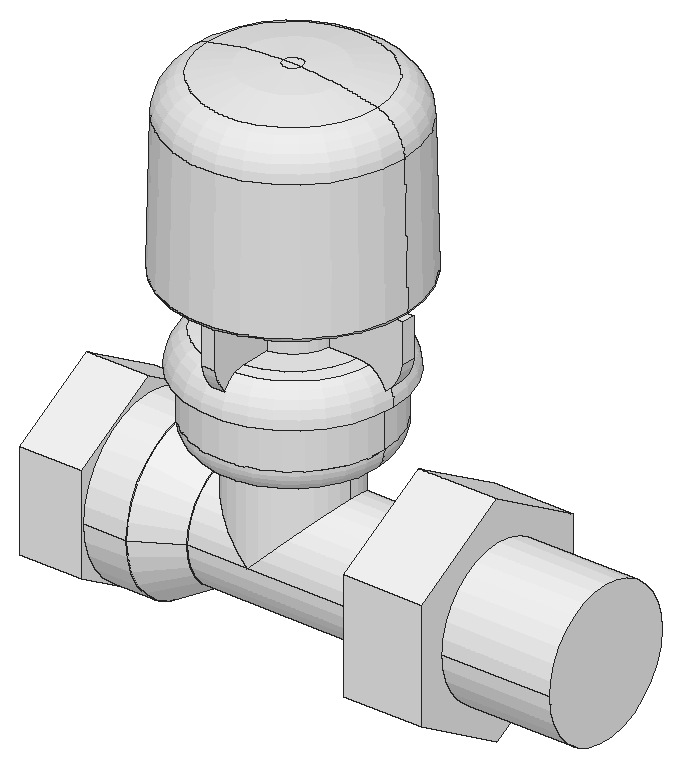
Revit family "RA-IN_Straight_DN25_D_Aero_RFA-1", category Pipe Accessories, Revit 2019
Family settings
  Round Connector Dimension = Use Diameter
  Part Type = Valve - Breaks Into
  OmniClass Number = 23.65.55.14.17
  OmniClass Title = Adjusting/Controlling Valves for Liquid Services
  Work Plane-Based = No
  Always vertical = Yes
  Cut with Voids When Loaded = No
  Shared = No
Parameters (values of type "RA-IN_Straight_DN25_Internal_D_013G6588")
  length = 126.00 mm  # constant formula
  Weight = 0.66 kg
  Wa = if(or(Sensor Type = [015G4540], Sensor Type = [015G4544], Sensor Type = [015G4542]), 30.50 mm, 28.00 mm)  # 28.00 mm
  W = if(or(Sensor Type = [015G4540], Sensor Type = [015G4544], Sensor Type = [015G4542]), 61.00 mm, 56.00 mm)  # 56.00 mm
  Setting Range = "1-4,N"  # constant formula
  Sensor Type = Aero Sensors_RA_RFA : Aero Sensors_Built-in_7-28 °C
  SL = L1 + L2  # 99.62 mm
  R_200_1 = 26.38 mm  # constant formula
  R_200 = 23.50 mm  # constant formula
  RV4 = 19.50 mm
  RV3 = 20.00 mm
  Pressure Drop [instance] = 0.0 bar
  Model Type = "RA-IN_Straight_DN25_Internal_D"
  Model = "013G6588"
  Max Operating Pressure = "10 bar"  # constant formula
  Max Medium Temperature = "120 ˚C"  # constant formula
  Max Differential Pressure = "0.6 bar"  # constant formula
  L4 = 19.00 mm
  Valve Body Material = Danfoss Brass (Nickel plated)
  RV2 = 17.00 mm
  LOD 350 = not(LOD 200)  # yes
  LOD 200 = no
  L7 = 25.00 mm
  L6 = 14.50 mm
  L5 = 10.00 mm
  L [instance] = 126.00 mm
  Kvs = 1.4 m³/h
  IfcExportType = "RA-IN"  # constant formula
  IfcExportAs = "IfcValveType"  # constant formula
  Ha [instance] = 103.66 mm
  HT1 = 20.00 mm  # constant formula
  L3 = 15.00 mm
  URL = "https://store.danfoss.com/fr/en/Climate-Solutions-for-heating/Radiator-Thermostats/Radiator-Valves/Build-on-valves/Presetting-valves/c/13866?q=%3Arelevance%3Adanfoss_producttypehierarchydesc%3ARA-IN%3Adanfoss_a223339155%3AA223_3391558c5e50fab3748e9c53a6863b3dce1401%3Adanfoss_a2824460767%3AA2824_460767f623e75af30e62bbd73d6df5b50bb7b5&text="
  Manufacturer = "Danfoss"  # constant formula
  L2 = 49.62 mm
  L1 = 50.00 mm
  HT = HT1 + 33.00 mm  # 53.00 mm
  H [instance] = 130.045 mm
  Flow [instance] = 0.0 m³/h
  Description = "Thermostatic Radiator Valve"  # constant formula
  SD = R_200_1 * 2  # 52.76 mm
  DB1 = 28.00 mm
  DV1 = 28.00 mm
  L_nut thread2 = 22.85 mm  # constant formula
  L_nut thread1 = 20.35 mm  # constant formula
  D = 25.00 mm
  Connection = "Internal thread"  # constant formula
  015G4544 = Aero Sensors_RA_RFA : Aero Sensors_Tamperproof_Built-in_7-21 °C_015G4544
  015G4542 = Aero Sensors_RA_RFA : Aero Sensors_Tamperproof_Remote_7-26 °C_015G4542
  015G4540 = Aero Sensors_RA_RFA : Aero Sensors_Tamperproof_Built-in_7-28 °C_015G4540
Reference planes
  plane 1 "Center (Front/Back)": y = 0
  plane 2 "XYPLANE": z = 6
  plane 3 "Center (Left/Right)": x = 0
  plane 4 "63": x = 0
  plane 5 "62": x = -50
  plane 6 "61": x = 49.62
  plane 7 "60": y = 0
  plane 8 "59": z = 0
  plane 9 "Y2": x = -35
  plane 10: z = 53
  plane 11: x = 30.62
  plane 12: z = 20
  plane 13: x = 25
  plane 14: x = -14.5
  plane 15: x = -24.5
  plane 16: x = 76
  plane 17: y = 28
  plane 18: y = -28
Forms (mm)
  Extrusion 1, solid, material "Danfoss Brass (Nickel plated)" <- "Valve Body Material", visible <- "LOD 350", detail levels fine
    sketch origin (-15, 0, 0) x (0, 0, 1) y (0, -1, 0)
      loop
        circle (0, 0) r 14
    from 0.5 to 40
  Extrusion 2, solid, material "Danfoss Brass (Nickel plated)" <- "Valve Body Material", visible <- "LOD 350", detail levels fine
    sketch origin (49.62, -750, 0) x (0, 1, 0) y (0, 0, 1)
      loop
        line (750, 26.385) -> (727.15, 13.192) -> (727.15, -13.192) -> (750, -26.385) -> (772.85, -13.192) -> (772.85, 13.192) -> (750, 26.385)
    from 0 to -19
  Extrusion 3, solid, material "Danfoss Brass (Nickel plated)" <- "Valve Body Material", visible <- "LOD 350", detail levels fine
    sketch origin (-50, -750, 0) x (0, 1, 0) y (0, 0, 1)
      loop
        line (750, 23.498) -> (729.65, 11.749) -> (729.65, -11.749) -> (750, -23.498) -> (770.35, -11.749) -> (770.35, 11.749) -> (750, 23.498)
    from 0 to 15 <- "L3"
  Extrusion 4, solid, material "Danfoss Brass (Nickel plated)" <- "Valve Body Material", visible <- "LOD 350", detail levels fine
    sketch origin (49.62, -750, 0) x (0, 1, 0) y (0, 0, 1)
      loop
        circle (750, 0) r 20
    from -84.62 to -74.12
  Extrusion 5, solid, material "Danfoss Brass (Nickel plated)" <- "Valve Body Material", visible <- "LOD 200", detail levels fine
    sketch origin (49.62, -750, 0) x (0, 1, 0) y (0, 0, 1)
      loop
        circle (750, 0) r 14
    from -84.62 to -19
  Extrusion 6, solid, material "Danfoss Brass (Nickel plated)" <- "Valve Body Material", detail levels fine
    sketch origin (0, 0, 0) x (0, 1, 0) y (0, 0, 1)
      loop
        circle (0, 0) r 17
    from 49.62 to 76
  Extrusion 7, solid, material "Danfoss Brass (Nickel plated)" <- "Valve Body Material", detail levels fine
    sketch origin (0, 0, 0) x (1, 0, 0) y (0, 1, 0)
      loop
        circle (0, 0) r 14
    from 0 to 20
  Blend 8, solid, material "Danfoss Brass (Nickel plated)" <- "Valve Body Material", visible <- "LOD 350", detail levels fine
    base sketch origin (0, 0, 0) x (0, 1, 0) y (0, 0, 1)
      loop
        circle (0, 0) r 20
    top sketch origin (0, 0, 0) x (0, 1, 0) y (0, 0, 1)
      loop
        circle (0, 0) r 14
    from -24.5 to -14.5
  Blend 9, solid, material "Danfoss Brass (Nickel plated)" <- "Valve Body Material", visible <- "LOD 350", detail levels fine
    base sketch origin (0, 0, 0) x (0, 1, 0) y (0, 0, -1)
      loop
        circle (0, 0) r 19.5
    top sketch origin (0, 0, 0) x (0, 1, 0) y (0, 0, -1)
      loop
        circle (0, 0) r 14
    from -30.62 to -25
  Extrusion 10, solid, material "Danfoss Brass (Nickel plated)" <- "Valve Body Material", visible <- "LOD 200", detail levels fine
    sketch origin (-50, -750, 0) x (0, 1, 0) y (0, 0, 1)
      loop
        circle (750, 0) r 26.38
    from 80.62 to 99.62
  Extrusion 11, solid, material "Danfoss Brass (Nickel plated)" <- "Valve Body Material", visible <- "LOD 200", detail levels fine
    sketch origin (0, 0, 0) x (0, 1, 0) y (0, 0, 1)
      loop
        circle (0, 0) r 23.5
    from -50 to -35
Lines and regions (mm)
  reference lines, not visible
    curve 1: circle (2, 2, 0) r 1 normal (0, 0, 1)
  reference lines, visible <- "LOD 350"
    curve 2: line (49.62, 0, 0) -> (49.62, 5.846, -3.375)
    curve 3: line (49.62, 0, 0) -> (49.62, 0, -6.75)
    curve 4: line (49.62, 0, 0) -> (49.62, -5.846, -3.375)
    curve 5: line (-50, 0, 0) -> (-50, -4.98, -2.875)
    curve 6: line (-50, 0, 0) -> (-50, 0, -5.75)
    curve 7: line (-50, 0, 0) -> (-50, 4.98, -2.875)
Dimensions and locks
  plane 1 "Center (Front/Back)" to curve 1 = 2.00 mm
  locked: plane 3 "Center (Left/Right)" to plane 4 "63"
  "L1": plane 3 "Center (Left/Right)" to plane 5 "62"
  "L2": plane 3 "Center (Left/Right)" to plane 6 "61"
  locked: plane 1 "Center (Front/Back)" to plane 7 "60"
  plane 8 "59" to plane 2 "XYPLANE" = 6.00 mm
  "L_nut thread2": curve 2 to Extrusion 2 sketch curve  (x2)
  "L_nut thread2": curve 3 to Extrusion 2 sketch curve  (x2)
  "L_nut thread2": curve 4 to Extrusion 2 sketch curve  (x2)
  "L_nut thread1": curve 5 to Extrusion 3 sketch curve  (x2)
  "L_nut thread1": curve 6 to Extrusion 3 sketch curve  (x2)
  "L_nut thread1": curve 7 to Extrusion 3 sketch curve  (x2)
  "HT": plane 10 to level
  "L3": plane 5 "62" to plane 9 "Y2"
  "L4": plane 11 to plane 6 "61"
  "HT1": plane 12 to level
  "L6": plane 3 "Center (Left/Right)" to plane 14
  "L7": plane 13 to plane 3 "Center (Left/Right)"
  "L5": plane 14 to plane 15
  plane 6 "61" to plane 5 "62" = 99.62 mm
  plane 10 to plane 12 = 33.00 mm  (x2)
  "length": plane 5 "62" to plane 16
  "L": plane 16 to plane 5 "62"
  Extrusion 2 to Extrusion 2 = 45.70 mm
  Extrusion 3 to Extrusion 3 = 40.70 mm
  level to Extrusion 3 = 23.498 mm
  level to Extrusion 2 = 26.385 mm
  "Wa": plane 1 "Center (Front/Back)" to plane 17
  "W": plane 18 to plane 17
  "Ha": nested 2 to level
  "H": nested 2 to Extrusion 2
  "DV1": diameter of Extrusion 1 sketch curve
  "RV3": radius of Extrusion 4 sketch curve
  "DV1": diameter of Extrusion 5 sketch curve
  "RV2": radius of Extrusion 6 sketch curve
  "DB1": diameter of Extrusion 7 sketch curve
  "RV3": radius of Blend 8 sketch curve
  "DV1": diameter of Blend 8 sketch curve
  "RV4": radius of Blend 9 sketch curve
  "DV1": diameter of Blend 9 sketch curve
  "R_200_1": radius of Extrusion 10 sketch curve
  "R_200": radius of Extrusion 11 sketch curve
  locked: curve 3 to curve 2 (angle 60.00°)
  locked: curve 4 to curve 3 (angle 60.00°)
  locked: curve 4 to curve 2 (angle 120.00°)
  locked: curve 6 to curve 5 (angle 60.00°)
  locked: curve 7 to curve 6 (angle 60.00°)
  locked: curve 7 to curve 5 (angle 120.00°)
  aligned and locked: Extrusion 1 sketch curve to plane 7 "60"
  aligned and locked: curve 4 to plane 7 "60"
  aligned and locked: plane 8 "59" to curve 4
  aligned and locked: curve 7 to plane 7 "60"
  aligned and locked: plane 8 "59" to curve 7
  aligned and locked: plane 1 "Center (Front/Back)" to Extrusion 4 sketch curve
  aligned and locked: level to Extrusion 4 sketch curve
  aligned and locked: plane 1 "Center (Front/Back)" to Extrusion 5 sketch curve
  aligned and locked: level to Extrusion 5 sketch curve
  aligned and locked: plane 9 "Y2" to Extrusion 3
  aligned and locked: plane 1 "Center (Front/Back)" to Extrusion 6 sketch curve
  aligned and locked: level to Extrusion 6 sketch curve
  aligned and locked: Extrusion 2 to plane 11
  aligned and locked: plane 4 "63" to Extrusion 7 sketch curve
  aligned and locked: plane 7 "60" to Extrusion 7 sketch curve
  aligned and locked: plane 12 to Extrusion 7
  aligned and locked: Extrusion 6 to plane 6 "61"
  aligned and locked: Extrusion 1 to plane 14
  aligned and locked: plane 13 to Extrusion 1
  aligned and locked: Extrusion 4 to plane 9 "Y2"
  aligned and locked: plane 15 to Extrusion 4
  aligned and locked: plane 1 "Center (Front/Back)" to Blend 8 sketch curve  (x2)
  aligned and locked: level to Blend 8 sketch curve  (x2)
  aligned and locked: Blend 8 to plane 15
  aligned and locked: plane 14 to Blend 8
  aligned and locked: plane 13 to Blend 9
  aligned and locked: plane 1 "Center (Front/Back)" to Blend 9 sketch curve  (x2)
  aligned and locked: level to Blend 9 sketch curve  (x2)
  aligned and locked: Extrusion 5 to plane 9 "Y2"
  aligned and locked: plane 11 to Extrusion 5
  aligned and locked: plane 11 to Blend 9
  aligned and locked: plane 1 "Center (Front/Back)" to Extrusion 10 sketch curve
  aligned and locked: level to Extrusion 10 sketch curve
  aligned and locked: Extrusion 10 to plane 6 "61"
  aligned and locked: Extrusion 10 to plane 11
  aligned and locked: plane 1 "Center (Front/Back)" to Extrusion 11 sketch curve
  aligned and locked: level to Extrusion 11 sketch curve
  aligned and locked: Extrusion 11 to plane 5 "62"
  aligned and locked: Extrusion 11 to plane 9 "Y2"
  aligned and locked: plane 16 to Extrusion 6
  aligned and locked: plane 12 to nested 1
  aligned and locked: plane 3 "Center (Left/Right)" to nested 1
  aligned and locked: plane 1 "Center (Front/Back)" to nested 1
  aligned and locked: nested 2 to plane 12
  aligned and locked: plane 3 "Center (Left/Right)" to nested 2
  aligned and locked: plane 1 "Center (Front/Back)" to nested 2
  aligned and locked: level to nested 3
  aligned and locked: nested 3 to plane 6 "61"
  aligned and locked: plane 1 "Center (Front/Back)" to nested 3
Automatic sketch dimensions
  plane 3 "Center (Left/Right)" to curve 1 = 2.00 mm
  Extrusion 1 sketch curve to level = 0.00 mm
  Extrusion 6 sketch curve to level = 0.00 mm
  radius of curve 1 = 1.00 mm
Nested families
  nested 1: "connection neck" at (0, 0, 20), LOD 200 <- "LOD 200", type "connection", detail levels fine
    with LOD 350 yes, LOD 200 no, DN20(350) yes, DN10-15(350) no
  nested 2: "Aero Sensors_RA_RFA" at (0, 0, 20), type <- "Sensor Type", LOD 200 <- "LOD 200", type "Aero Sensors_Built-in_7-28 °C", detail levels fine
    with Y' 700.00 mm, X' 700.00 mm, LOD 350 yes, LOD 200 no, Box Z Offset 100.00 mm, Box Y Offset 100.00 mm, Box X Offset 100.00 mm
  nested 3: "Schematic_TRV_Sensor_Straight" at (-0.19, 0, 0), type "Schematic_TRV_Sensor_Straight", detail levels coarse+medium
Connectors
  piping at (-50, 0, 0), diameter 25, driven by "D", driven by "Flow"
    settings: on Extrusion 3, index 2, connector inside diameter 609.6 mm, connector length 0.00 mm, flow factor 0, pipe flow 0.0 m³/h, pressure drop 0.0 bar, fitting loss kfactor 0, connector angle 0.00°, fixture units 0, engagement length 0.00 mm, angle of deflection 0.00°, flow configuration 0, flow direction 1, fitting loss method 0, system type 29, joint type 0, gender type 0, connector reference index 3, connector utility 0, adjustable connector no, is connector primary yes, connector description ""
  piping at (49.62, 0, 0), diameter 25, driven by "Flow", driven by "D"
    settings: on Extrusion 2, index 3, connector inside diameter 609.6 mm, connector length 0.00 mm, flow factor 0, pipe flow 0.0 m³/h, pressure drop 0.0 bar, fitting loss kfactor 0, connector angle 0.00°, fixture units 0, engagement length 0.00 mm, angle of deflection 0.00°, flow configuration 0, flow direction 2, fitting loss method 0, system type 29, joint type 0, gender type 0, connector reference index 2, connector utility 0, adjustable connector no, is connector primary no, connector description ""
Definition of nested family "connection neck"
  Parameters (values of type "connection")
    Model = ""
    Valve Body Material = none
    LOD 350 [instance] = not(LOD 200)  # yes
    LOD 200 [instance] = no
    IfcExportType = "Connection neck"  # constant formula
    IfcExportAs = "IfcValveType"  # constant formula
    URL = "https://store.danfoss.com/en/Climate-Solutions-for-heating/Radiator-Thermostats/Radiator-Valves/Build-on-valves/Presetting-valves/c/13866?q=%3Arelevance%3Adanfoss_producttypehierarchydesc%3ARA-N&text="
    Manufacturer = "Danfoss"  # constant formula
    HT1 = if(D = 20.00 mm, 12.55 mm, 12.65 mm)  # 12.65 mm
    HT = 33.00 mm  # constant formula
    H [instance] = 33.00 mm
    Description = "Thermostatic Radiator Valve"  # constant formula
    DN20(350) [instance] = and((LOD 350), D > 20.00 mm)  # no
    DN10-15(350) [instance] = and((LOD 350), D < 20.00 mm)  # yes
    D = 15.00 mm
  Reference planes
    plane 1 "Center (Front/Back)": y = 0
    plane 2 "XYPLANE": z = 6
    plane 3 "Center (Left/Right)": x = 0
    plane 4 "67": z = 27.03
    plane 5 "66": z = 7
    plane 6 "63": x = 0
    plane 7 "60": y = 0
    plane 8 "59": z = 0
    plane 9: z = 33
    plane 10: z = 12.65
    plane 11: z = 0
    plane 12 "HT1": z = 12.65
    plane 13: z = 6.1
    plane 14: z = 23.03
  Forms (mm)
    Revolve 1, solid, detail levels fine
      sketch origin (0, 0, 0) x (1, 0, 0) y (0, 0, 1)
        loop
          line (0, 33) -> (0, 27.03) -> (1, 27.03) -> (1, 33) -> (0, 33)
        axis (0, 27.03) -> (0, 33)
      angle from 0 to 360
    Revolve 2, solid, visible <- "DN10-15(350)", detail levels fine
      sketch origin (0, 0, 0) x (1, 0, 0) y (0, 0, 1)
        loop
          line (0, 0) -> (11.5, 0) -> (11.5, 7) -> (8.3, 7) -> (8.3, 12.65) -> (0, 12.65) -> (0, 0)
        axis (0, 12.65) -> (0, 0)
      angle from 0 to 360
    Revolve 3, solid, material <- "Valve Body Material", detail levels fine
      sketch origin (0, 0, 0) x (1, 0, 0) y (0, 0, 1)
        loop
          line (0, 23.03) -> (0, 12.65) -> (9.3, 12.65) -> (9.3, 23.03) -> (0, 23.03)
        axis (0, 12.65) -> (0, 23.03)
      angle from 0 to 360
    Revolve 4, solid, visible <- "LOD 200", detail levels fine
      sketch origin (0, 0, 0) x (1, 0, 0) y (0, 0, 1)
        loop
          line (0, 0) -> (11.5, 0) -> (11.5, 12.65) -> (0, 12.65) -> (0, 0)
        axis (0, 0) -> (0, 12.65)
      angle from 0 to 360
    Extrusion 5, solid, visible <- "LOD 350", detail levels fine
      sketch origin (0, 0, 0) x (1, 0, 0) y (0, 1, 0)
        loop
          line (-2.887, 5) -> (-5.774, 0) -> (-2.887, -5) -> (2.887, -5) -> (5.774, 0) -> (2.887, 5) -> (-2.887, 5)
      from 23.03 to 27.03
    Revolve 6, solid, visible <- "LOD 200", detail levels fine
      sketch origin (0, 0, 0) x (1, 0, 0) y (0, 0, 1)
        loop
          line (0, 27.03) -> (0, 23.03) -> (5.774, 23.03) -> (5.774, 27.03) -> (0, 27.03)
        axis (0, 27.03) -> (0, 23.03)
      angle from 0 to 360
    Revolve 7, solid, visible <- "DN20(350)", detail levels fine
      sketch origin (0, 0, 0) x (1, 0, 0) y (0, 0, 1)
        loop
          line (0, 0) -> (11.5, 0) -> (11.5, 6.1) -> (8.3, 6.1) -> (8.3, 12.65) -> (0, 12.65) -> (0, 0)
        axis (0, 12.65) -> (0, 0)
      angle from 0 to 360
  Lines and regions (mm)
    reference lines, not visible
      curve 1: circle (2, 2, 0) r 1 normal (0, 0, 1)
    reference lines, visible <- "LOD 350"
      curve 2: line (32, 0, 0) -> (32, 5.846, -3.375)
      curve 3: line (32, 0, 0) -> (32, 0, -6.75)
      curve 4: line (32, 0, 0) -> (32, -5.846, -3.375)
      curve 5: line (-29, 0, 0) -> (-29, -4.98, -2.875)
      curve 6: line (-29, 0, 0) -> (-29, 0, -5.75)
      curve 7: line (-29, 0, 0) -> (-29, 4.98, -2.875)
  Dimensions and locks
    plane 1 "Center (Front/Back)" to curve 1 = 2.00 mm
    locked: plane 3 "Center (Left/Right)" to plane 6 "63"
    locked: plane 1 "Center (Front/Back)" to plane 7 "60"
    plane 8 "59" to plane 2 "XYPLANE" = 6.00 mm
    "HT": plane 9 to level
    Revolve 3 sketch curve to Revolve 3 sketch curve = 9.30 mm
    Revolve 2 sketch curve to plane 3 "Center (Left/Right)" = 11.50 mm
    Revolve 2 sketch curve to plane 3 "Center (Left/Right)" = 8.30 mm
    Revolve 4 sketch curve to Revolve 4 sketch curve = 11.50 mm
    Extrusion 5 sketch curve to Extrusion 5 sketch curve = 10.00 mm  (x3)
    equal spacing: Extrusion 5 sketch curve, plane 1 "Center (Front/Back)", Extrusion 5 sketch curve
    equal spacing: Extrusion 5 sketch curve, plane 3 "Center (Left/Right)", Extrusion 5 sketch curve  (x2)
    Revolve 6 sketch curve to Revolve 6 sketch curve = 5.774 mm
    "H": plane 9 to plane 11
    Revolve 1 sketch curve to Revolve 1 sketch curve = 1.00 mm
    locked: level to plane 11
    Revolve 7 sketch curve to plane 3 "Center (Left/Right)" = 8.30 mm
    Revolve 7 sketch curve to plane 3 "Center (Left/Right)" = 11.50 mm
    plane 10 to plane 5 "66" = 5.65 mm
    "HT1": plane 12 "HT1" to level
    locked: plane 13 to level at 6.1
    plane 12 "HT1" to plane 13 = 6.55 mm
    locked: plane 14 to plane 12 "HT1" at 10.38
    locked: plane 4 "67" to plane 14 at 4
    locked: plane 5 "66" to level at 7
    locked: curve 3 to curve 2 (angle 60.00°)
    locked: curve 4 to curve 3 (angle 60.00°)
    locked: curve 4 to curve 2 (angle 120.00°)
    locked: curve 6 to curve 5 (angle 60.00°)
    locked: curve 7 to curve 6 (angle 60.00°)
    locked: curve 7 to curve 5 (angle 120.00°)
    aligned and locked: curve 4 to plane 7 "60"
    aligned and locked: plane 8 "59" to curve 4
    aligned and locked: curve 7 to plane 7 "60"
    aligned and locked: plane 8 "59" to curve 7
    aligned and locked: Revolve 1 sketch curve to plane 6 "63"
    aligned and locked: Revolve 1 sketch curve to plane 9
    aligned and locked: plane 6 "63" to Revolve 1 sketch curve
    aligned and locked: Revolve 2 sketch curve to plane 5 "66"
    aligned and locked: Revolve 2 sketch curve to plane 3 "Center (Left/Right)"
    aligned and locked: Revolve 2 sketch curve to Revolve 2 sketch curve
    aligned and locked: Revolve 3 sketch curve to plane 6 "63"
    aligned and locked: plane 6 "63" to Revolve 3 sketch curve
    aligned and locked: Revolve 4 sketch curve to plane 6 "63"
    aligned and locked: plane 2 "XYPLANE" to Revolve 4 sketch curve
    aligned and locked: plane 6 "63" to Revolve 4 sketch curve
    aligned and locked: Revolve 1 sketch curve to plane 4 "67"
    aligned and locked: plane 4 "67" to Revolve 1 sketch curve
    aligned and locked: Revolve 2 sketch curve to plane 11
    aligned and locked: plane 11 to Revolve 2 sketch curve
    aligned and locked: plane 4 "67" to Extrusion 5
    aligned and locked: plane 10 to Revolve 4
    aligned and locked: Revolve 6 sketch curve to plane 6 "63"  (x2)
    aligned and locked: Revolve 6 sketch curve to plane 4 "67"
    aligned and locked: Revolve 6 sketch curve to Revolve 1
    aligned and locked: Revolve 6 sketch curve to Revolve 6 sketch curve
    aligned and locked: Revolve 7 sketch curve to level
    aligned and locked: Revolve 7 sketch curve to plane 3 "Center (Left/Right)"  (x2)
    aligned and locked: Revolve 4 sketch curve to plane 12 "HT1"
    aligned and locked: Revolve 3 sketch curve to plane 12 "HT1"
    aligned and locked: Revolve 2 sketch curve to plane 12 "HT1"
    aligned and locked: Revolve 7 sketch curve to plane 12 "HT1"
    aligned and locked: Revolve 7 sketch curve to plane 13
    aligned and locked: Revolve 3 sketch curve to plane 14
    aligned and locked: Extrusion 5 to plane 14
  Automatic sketch dimensions
    plane 3 "Center (Left/Right)" to curve 1 = 2.00 mm
    plane 9 to Revolve 1 sketch curve = 0.838 mm
    Revolve 3 sketch curve to plane 3 "Center (Left/Right)" = 0.00 mm
    plane 5 "66" to Revolve 3 sketch curve = 2.50 mm
    Revolve 3 sketch curve to plane 9 = 1.691 mm
    Revolve 4 sketch curve to plane 11 = 0.00 mm
    Revolve 4 sketch curve to plane 9 = 0.30 mm
    plane 1 "Center (Front/Back)" to Extrusion 5 sketch curve = 0.00 mm
    Extrusion 5 sketch curve to Extrusion 5 sketch curve = 2.887 mm
    Revolve 7 sketch curve to Revolve 7 sketch curve = 0.00 mm
    Revolve 7 sketch curve to Revolve 7 sketch curve = 11.48 mm
    Revolve 2 sketch curve to plane 4 "67" = 3.00 mm
    Revolve 6 sketch curve to plane 4 "67" = 4.00 mm
    radius of curve 1 = 1.00 mm
Definition of nested family "Aero Sensors_RA_RFA"
  Parameters (values of type "Aero Sensors_Built-in_7-28 °C")
    YH = XYadd - H'  # 516.00 mm
    Y' [instance] = if(Box Y Offset < -1 * XYlimit, XYadd - XYlimit, (if(Box Y Offset > XYlimit, XYadd + XYlimit, Box Y Offset + XYadd)))  # 700.00 mm
    XYadd = XYlimit + 100.00 mm  # 600.00 mm
    X' [instance] = if(Box X Offset < -1 * XYlimit, XYadd - XYlimit, (if(Box X Offset > XYlimit, XYadd + XYlimit, Box X Offset + XYadd)))  # 700.00 mm
    XYlimit = 500.00 mm
    W [instance] = 56.00 mm
    Min Temperature Setting = "7 °C"
    Max Temperature Setting = "28 °C"
    Max Capillary Tube Length = 0.00 mm
    Sensor Media = "Gas"  # constant formula
    Remote Sensor = if(RS = 1, 1 = 1, 1 = 0)  # no
    Box Z Offset [instance] = 100.00 mm  # constant formula
    URL = "https://store.danfoss.com/en/Climate-Solutions-for-heating/Radiator-Thermostats/Radiator-sensors/Room-sensor-mTRV/Sensors-for-Danfoss-RA-valves/c/13884?q=%3Arelevance%3Adanfoss_producttypehierarchydesc%3ADanfoss+Aero%C2%AE+Sensors%3Adanfoss_a1186338575%3AA1186_3385757565fa0f3e171a343b2fd2a01064cb82&text="
    RS = 0
    Model Type = "Aero Sensors_Built-in_7-28 °C"
    Model = "015G4590,015G4594,015G4580,015G5201,015G4595,015G4598"
    Manufacturer = "Danfoss"  # constant formula
    LOD 350 [instance] = not(LOD 200)  # yes
    LOD 200 [instance] = no
    L [instance] = 56.00 mm
    IfcExportType = "Aero Sensors"  # constant formula
    IfcExportAs = "IfcActuatorType"  # constant formula
    H' = 84.00 mm
    H [instance] = 84.00 mm
    Description = "Radiator Sensor"  # constant formula
    Connection = "RA"  # constant formula
    Box Y Offset [instance] = 100.00 mm
    Box X Offset [instance] = 100.00 mm
    Body Material = none
    Aero Sensor = Aero_RFA : Aero Sensors
  Types (11, lengths in mm): name | YH | Y' | XYadd | X' | XYlimit | W | Min Temperature Setting | Max Temperature Setting | Max Capillary Tube Length | Remote Sensor | URL | RS | Model Type | Model | L | Aero Sensor
    (no name) | 516.00 | 700.00 | 600.00 | 700.00 | 500.00 | 56.00 | "7 °C" | "28 °C" | 0.00 | no | "https://store.danfoss.com/en/Climate-Solutions-for-heating/Radiator-Thermostats/Radiator-sensors/Room-sensor-mTRV/Sensors-for-Danfoss-RA-valves/c/13884?q=%3Arelevance%3Adanfoss_producttypehierarchydesc%3ADanfoss+Aero%C2%AE+Sensors%3Adanfoss_a1186338575%3AA1186_3385757565fa0f3e171a343b2fd2a01064cb82&text=" | 0 | "Aero Sensors_Built-in_7-28 °C" | "015G4590,015G4594,015G4580,015G5201,015G4595,015G4598" | 56.00 | Aero_RFA : Aero Sensors
    Aero Sensors_Built-in_7-28 °C | 516.00 | 700.00 | 600.00 | 700.00 | 500.00 | 56.00 | "7 °C" | "28 °C" | 0.00 | no | "https://store.danfoss.com/en/Climate-Solutions-for-heating/Radiator-Thermostats/Radiator-sensors/Room-sensor-mTRV/Sensors-for-Danfoss-RA-valves/c/13884?q=%3Arelevance%3Adanfoss_producttypehierarchydesc%3ADanfoss+Aero%C2%AE+Sensors%3Adanfoss_a1186338575%3AA1186_3385757565fa0f3e171a343b2fd2a01064cb82&text=" | 0 | "Aero Sensors_Built-in_7-28 °C" | "015G4590,015G4594,015G4580,015G5201,015G4595,015G4598" | 56.00 | Aero_RFA : Aero Sensors
    Aero Sensors_Tamperproof_Built-in_7-28 °C_015G4540 | 516.00 | 700.00 | 600.00 | 700.00 | 500.00 | 61.00 | "7 °C" | "28 °C" | 0.00 | no | "https://store.danfoss.com/en/Climate-Solutions-for-heating/Radiator-Thermostats/Radiator-sensors/Room-sensor-mTRV/Sensors-for-Danfoss-RA-valves/c/13884?q=%3Arelevance%3Adanfoss_producttypehierarchydesc%3ADanfoss+Aero%C2%AE+Sensors%3Adanfoss_a1186338575%3AA1186_3385757565fa0f3e171a343b2fd2a01064cb82&text=" | 0 | "Aero Sensors_Tamperproof_Built-in_7-28 °C" | "015G4540" | 61.00 | Aero_RFA : Aero Sensors_Tamper
    Aero Sensors_Remote_7-26 °C_015G4592 | 1016.00 | 1200.00 | 1100.00 | 1200.00 | 1000.00 | 56.00 | "7 °C" | "26 °C" | 2000.00 | yes | "https://store.danfoss.com/en/Climate-Solutions-for-heating/Radiator-Thermostats/Radiator-sensors/Room-sensor-mTRV/Sensors-for-Danfoss-RA-valves/c/13884?q=%3Arelevance%3Adanfoss_producttypehierarchydesc%3ADanfoss+Aero%C2%AE+Sensors%3Adanfoss_a1186338575%3AA1186_3385756922a4d78decdb47e1e9a53dbb12a95d&text=" | 1 | "Aero Sensors_Remote_7-26 °C" | "015G4592" | 56.00 | Aero_RFA : Aero Sensors
    Aero Sensors_Tamperproof_Remote_7-26 °C_015G4542 | 1016.00 | 1200.00 | 1100.00 | 1200.00 | 1000.00 | 61.00 | "7 °C" | "26 °C" | 2000.00 | yes | "https://store.danfoss.com/en/Climate-Solutions-for-heating/Radiator-Thermostats/Radiator-sensors/Room-sensor-mTRV/Sensors-for-Danfoss-RA-valves/c/13884?q=%3Arelevance%3Adanfoss_producttypehierarchydesc%3ADanfoss+Aero%C2%AE+Sensors%3Adanfoss_a1186338575%3AA1186_3385756922a4d78decdb47e1e9a53dbb12a95d&text=" | 1 | "Aero Sensors_Tamperproof_Remote_7-26 °C" | "015G4542" | 61.00 | Aero_RFA : Aero Sensors_Tamper
    Aero Sensors_Built-in_16-28 °C | 516.00 | 700.00 | 600.00 | 700.00 | 500.00 | 56.00 | "16 °C" | "28 °C" | 0.00 | no | "https://store.danfoss.com/en/Climate-Solutions-for-heating/Radiator-Thermostats/Radiator-sensors/Room-sensor-mTRV/Sensors-for-Danfoss-RA-valves/c/13884?q=%3Arelevance%3Adanfoss_producttypehierarchydesc%3ADanfoss+Aero%C2%AE+Sensors%3Adanfoss_a1186338575%3AA1186_3385757565fa0f3e171a343b2fd2a01064cb82&text=" | 0 | "Aero Sensors_Built-in_16-28 °C" | "015G4596,015G5200" | 56.00 | Aero_RFA : Aero Sensors
    Aero Sensors_Built-in_7-21 °C | 516.00 | 700.00 | 600.00 | 700.00 | 500.00 | 56.00 | "7 °C" | "21 °C" | 0.00 | no | "https://store.danfoss.com/en/Climate-Solutions-for-heating/Radiator-Thermostats/Radiator-sensors/Room-sensor-mTRV/Sensors-for-Danfoss-RA-valves/c/13884?q=%3Arelevance%3Adanfoss_producttypehierarchydesc%3ADanfoss+Aero%C2%AE+Sensors%3Adanfoss_a1186338575%3AA1186_3385757565fa0f3e171a343b2fd2a01064cb82&text=" | 0 | "Aero Sensors_Built-in_7-21 °C" | "015G4690,015G4680" | 56.00 | Aero_RFA : Aero Sensors
    Aero Sensors_Built-in_7-22 °C_015G4622 | 516.00 | 700.00 | 600.00 | 700.00 | 500.00 | 56.00 | "7 °C" | "22 °C" | 0.00 | no | "https://store.danfoss.com/en/Climate-Solutions-for-heating/Radiator-Thermostats/Radiator-sensors/Room-sensor-mTRV/Sensors-for-Danfoss-RA-valves/c/13884?q=%3Arelevance%3Adanfoss_producttypehierarchydesc%3ADanfoss+Aero%C2%AE+Sensors%3Adanfoss_a1186338575%3AA1186_3385757565fa0f3e171a343b2fd2a01064cb82&text=" | 0 | "Aero Sensors_Built-in_7-22 °C" | "015G4622" | 56.00 | Aero_RFA : Aero Sensors
    Aero Sensors_Built-in_7-23 °C | 516.00 | 700.00 | 600.00 | 700.00 | 500.00 | 56.00 | "7 °C" | "23 °C" | 0.00 | no | "https://store.danfoss.com/en/Climate-Solutions-for-heating/Radiator-Thermostats/Radiator-sensors/Room-sensor-mTRV/Sensors-for-Danfoss-RA-valves/c/13884?q=%3Arelevance%3Adanfoss_producttypehierarchydesc%3ADanfoss+Aero%C2%AE+Sensors%3Adanfoss_a1186338575%3AA1186_3385757565fa0f3e171a343b2fd2a01064cb82&text=" | 0 | "Aero Sensors_Built-in_7-23 °C" | "015G4623,015G5205" | 56.00 | Aero_RFA : Aero Sensors
    Aero Sensors_Remote_7-21 °C | 1016.00 | 1200.00 | 1100.00 | 1200.00 | 1000.00 | 56.00 | "7 °C" | "21 °C" | 2000.00 | yes | "https://store.danfoss.com/en/Climate-Solutions-for-heating/Radiator-Thermostats/Radiator-sensors/Room-sensor-mTRV/Sensors-for-Danfoss-RA-valves/c/13884?q=%3Arelevance%3Adanfoss_producttypehierarchydesc%3ADanfoss+Aero%C2%AE+Sensors%3Adanfoss_a1186338575%3AA1186_3385756922a4d78decdb47e1e9a53dbb12a95d&text=" | 1 | "Aero Sensors_Remote_7-21 °C" | "015G4692,015G4682" | 56.00 | Aero_RFA : Aero Sensors
    Aero Sensors_Tamperproof_Built-in_7-21 °C_015G4544 | 516.00 | 700.00 | 600.00 | 700.00 | 500.00 | 56.00 | "7 °C" | "21 °C" | 0.00 | no | "https://store.danfoss.com/en/Climate-Solutions-for-heating/Radiator-Thermostats/Radiator-sensors/Room-sensor-mTRV/Sensors-for-Danfoss-RA-valves/c/13884?q=%3Arelevance%3Adanfoss_producttypehierarchydesc%3ADanfoss+Aero%C2%AE+Sensors%3Adanfoss_a1186338575%3AA1186_3385757565fa0f3e171a343b2fd2a01064cb82&text=" | 0 | "Aero Sensors_Tamperproof_Built-in_7-21 °C" | "015G4544" | 56.00 | Aero_RFA : Aero Sensors_Tamper
  Reference planes
    plane 1 "Center (Front/Back)": y = 0
    plane 2: z = 0
    plane 3 "Center (Left/Right)": x = 0
    plane 4: x = -600
    plane 5: z = -516
    plane 6: z = 184
  Lines and regions (mm)
    reference lines
      curve 1: line (100, 100, 0) -> (100, 0, 0)
      curve 2: line (17.515, 100, 0) -> (-57.515, 100, 0)
  Dimensions and locks
    "XYadd": plane 4 to plane 3 "Center (Left/Right)"
    "YH": level to plane 5
    locked: plane 1 "Center (Front/Back)" to curve 2 at 100
    "Y'": plane 6 to plane 5
    "X'": plane 4 to curve 1
    "Box Z Offset": nested 1 to plane 1 "Center (Front/Back)"
    nested 1 to plane 3 "Center (Left/Right)" = 100.00 mm
    "H": nested 2 to level
    nested 1 to nested 2 = 100.00 mm
    "L": nested 2 to nested 2
    "W": nested 2 to nested 2
    aligned and locked: level to plane 2
    aligned and locked: curve 1 to nested 1
    aligned and locked: plane 6 to nested 1
    aligned and locked: plane 3 "Center (Left/Right)" to nested 2
    aligned and locked: nested 2 to level
    aligned and locked: plane 1 "Center (Front/Back)" to nested 2
  Automatic sketch dimensions
    plane 1 "Center (Front/Back)" to curve 1 = 0.00 mm
    plane 3 "Center (Left/Right)" to curve 2 = 17.515 mm
    curve 2 to plane 3 "Center (Left/Right)" = 57.515 mm
  Nested families
    nested 1: "Remote sensor_box_RFA" at (100, 100, 184) x (-1, 0, 0) z (0, -1, 0), LOD 200 <- "LOD 200", Body Material <- "Body Material", visible <- "Remote Sensor", type "Remote sensor_box"
      with LOD 350 yes, LOD 200 no, Body Material none
    nested 2: "Aero_RFA" at (0, 0, 0), type <- "Aero Sensor", type "Aero Sensors", detail levels fine
  Definition of nested family "Remote sensor_box_RFA"
    Parameters (values of type "Remote sensor_box")
      W [instance] = 56.00 mm
      URL = ""
      Sensor Media = "Gas Sensor"  # constant formula
      Model = ""
      Manufacturer = "Danfoss"  # constant formula
      LOD 350 [instance] = not(LOD 200)  # no
      LOD 200 [instance] = yes
      L [instance] = 26.00 mm
      IfcExportType = "Remote Gas Sensor"  # constant formula
      IfcExportAs = "IfcActuatorType"  # constant formula
      H [instance] = 25.00 mm
      Description = "Radiator Sensor"  # constant formula
      Default Elevation = 1219.20 mm
      Body Material [instance] = none
    Reference planes
      plane 1 "Center (Front/Back)": y = 0
      plane 2: z = 0
      plane 3 "Center (Left/Right)": x = 0
      plane 4: z = 25
      plane 5: y = 28
      plane 6: y = -28
      plane 7: x = -13
      plane 8: x = 13
    Forms (mm)
      Extrusion 1, solid, material <- "Body Material", detail levels fine
        sketch origin (0, 0, 83.1) x (0, -1, 0) y (1, 0, 0)
          loop
            line (-23.8, -10) -> (23.8, -10) -> (23.8, 9.915) -> (-23.8, 9.915) -> (-23.8, -10)
        from -83.1 to -77.6
      Extrusion 2, solid, material <- "Body Material", visible <- "LOD 200", detail levels fine
        sketch origin (0, 0, 88.6) x (0, -1, 0) y (1, 0, 0)
          loop
            line (-28, -13) -> (28, -13) -> (28, 13) -> (-28, 13) -> (-28, -13)
        from -83.1 to -63.6
      Blend 3, solid, material <- "Body Material", visible <- "LOD 350", detail levels fine
        base sketch origin (0, 0, 82.972) x (0, -1, 0) y (1, 0, 0)
          loop
            line (-28.001, -13) -> (28, -13) -> (28, 13) -> (-28.001, 13) -> (-28.001, -13)
        top sketch origin (0, 0, 82.972) x (0, -1, 0) y (1, 0, 0)
          loop
            line (-26.435, -11.489) -> (26.435, -11.489) -> (26.435, 11.489) -> (-26.435, 11.489) -> (-26.435, -11.489)
        from -77.6 to -57.972
      Extrusion 4, void
        sketch origin (0, 0, 0) x (0, 1, 0) y (0, 0, 1)
          loop
            line (28.001, 5.372) -> (31.043, 5.372) -> (31.043, 25) -> (25.964, 25) -> (28.001, 5.372)
          loop
            line (-25.965, 25) -> (-31.105, 25) -> (-31.105, 5.372) -> (-28, 5.372) -> (-25.965, 25)
        from -17.5 to 17.5
      Extrusion 5, solid, material <- "Body Material", detail levels coarse+medium
        sketch origin (0, 0, 0) x (0, 1, 0) y (0, 0, 1)
          loop
            line (28, 25) -> (-28, 25) -> (-28, 0) -> (28, 0) -> (28, 25)
        from -13 to 13
    Dimensions and locks
      "H": plane 4 to level
      equal spacing: plane 7, plane 3 "Center (Left/Right)", plane 8
      equal spacing: plane 5, plane 1 "Center (Front/Back)", plane 6
      "W": plane 5 to plane 6
      "L": plane 7 to plane 8
      plane 8 to plane 7 = 26.00 mm
      level to Extrusion 5 = 25.00 mm
      aligned and locked: level to plane 2
      aligned and locked: Extrusion 1 to level
      aligned and locked: Extrusion 2 to plane 7
      aligned and locked: plane 8 to Extrusion 2
      aligned and locked: plane 4 to Extrusion 2
      aligned and locked: plane 5 to Extrusion 2
      aligned and locked: Extrusion 2 to plane 6
    Automatic sketch dimensions
      Extrusion 1 sketch curve to plane 5 = 4.20 mm
      plane 6 to Extrusion 1 sketch curve = 4.20 mm
      plane 7 to Extrusion 1 sketch curve = 3.00 mm
      Extrusion 1 sketch curve to plane 8 = 3.085 mm
      Extrusion 2 sketch curve to plane 5 = 0.00 mm
      Extrusion 2 sketch curve to plane 6 = 0.00 mm
      plane 7 to Extrusion 2 sketch curve = 0.00 mm
      Extrusion 2 sketch curve to plane 8 = 0.00 mm
      plane 6 to Blend 3 sketch curve = 0.00 mm
      Blend 3 sketch curve to plane 5 = 1.565 mm
      plane 7 to Blend 3 sketch curve = 1.511 mm
      plane 6 to Blend 3 sketch curve = 1.565 mm
      Blend 3 sketch curve to plane 8 = 1.511 mm
      Extrusion 4 sketch curve to plane 4 = 0.00 mm  (x2)
      Extrusion 4 sketch curve to plane 6 = 3.105 mm
      plane 6 to Extrusion 4 sketch curve = 0.00 mm
      plane 5 to Extrusion 4 sketch curve = 0.001 mm
      level to Extrusion 4 sketch curve = 5.372 mm  (x2)
      plane 6 to Extrusion 4 sketch curve = 2.035 mm
      Extrusion 4 sketch curve to plane 5 = 2.036 mm
      Extrusion 4 sketch curve to Extrusion 4 sketch curve = 3.042 mm
      plane 5 to Blend 3 sketch curve = 0.001 mm
      plane 7 to Blend 3 sketch curve = 0.00 mm
      Blend 3 sketch curve to plane 8 = 0.00 mm
      Extrusion 5 sketch curve to plane 4 = 0.00 mm
      Extrusion 5 sketch curve to plane 6 = 0.00 mm
      Extrusion 5 sketch curve to level = 0.00 mm
      Extrusion 5 sketch curve to plane 5 = 0.00 mm
  Definition of nested family "Aero_RFA"
    Parameters (values of type "Aero Sensors")
      W = L  # 56.00 mm
      URL = ""
      Model Type = "Aero Sensors"
      L = 56.00 mm
      Sensor Media = "Gas"  # constant formula
      Model = ""
      Manufacturer = "Danfoss"  # constant formula
      LOD 350 = not(LOD 200)  # yes
      LOD 200 = no
      IfcExportType = "Aero Sensors"  # constant formula
      IfcExportAs = "IfcActuatorType"  # constant formula
      H [instance] = 84.00 mm
      Description = "Radiator Sensor"  # constant formula
      D1 = 1.00 mm
      Connection = "RA"  # constant formula
      Body Material = none
      With Tamper (LOD 200) = if(and(LOD 200, D1 = 0.00 mm), 1 = 1, 1 = 0)  # no
      With Tamper (LOD 350) = if(and(LOD 350, D1 = 0.00 mm), 1 = 1, 1 = 0)  # no
      Standard (LOD 200) = if(and(LOD 200, D1 > 0.00 mm), 1 = 1, 1 = 0)  # no
      Standard (LOD 350) = if(and(LOD 350, D1 > 0.00 mm), 1 = 1, 1 = 0)  # yes
    Types (2, lengths in mm): name | W | Model Type | L | D1 | With Tamper (LOD 350) | Standard (LOD 350)
      Aero Sensors | 56.00 | "Aero Sensors" | 56.00 | 1.00 | no | yes
      Aero Sensors_Tamper | 61.00 | "Aero Sensors_Tamper" | 61.00 | 0.00 | yes | no
    Reference planes
      plane 1 "Center (Front/Back)": y = 0
      plane 2: z = 0
      plane 3 "Center (Left/Right)": x = 0
      plane 4: z = 84
      plane 5: z = 15.7
      plane 6: z = 55.7
      plane 7: z = 38.9
      plane 8: x = 28
      plane 9: x = -28
      plane 10: y = 28
      plane 11: y = -28
    Forms (mm)
      Revolve 1, solid, material <- "Body Material", visible <- "Standard (LOD 350)"
        sketch origin (58.75, 0, 0) x (1, 0, 0) y (0, 0, 1)
          loop
            line (-81.015, 17.711) -> (-81.015, 7.41)
            arc (-81.015, 7.41) -> (-79.155, 2.921) -> (-74.665, 1.061) r 6.349
            line (-74.665, 1.061) -> (-72.426, 1.061) -> (-71.627, 0) -> (-58.75, 0) -> (-58.75, 26.296) -> (-75.835, 26.296) -> (-78.801, 25.879)
            arc (-78.801, 25.879) -> (-82.169, 22.397) -> (-83.397, 17.711) r 9.556
            line (-83.397, 17.711) -> (-81.015, 17.711)
          axis (-58.75, 26.296) -> (-58.75, 0)
        angle from 0 to 360
      Revolve 2, solid, material <- "Body Material", visible <- "Standard (LOD 200)"
        sketch origin (0, 0, 0) x (1, 0, 0) y (0, 0, 1)
          loop
            line (-27.989, 71.35) -> (-27.989, 26.296) -> (0, 26.296) -> (0, 83.808) -> (-6.101, 83.808)
            arc (-6.101, 83.808) -> (-13.09, 83.312) -> (-19.938, 81.833) r 49.463
            arc (-19.938, 81.833) -> (-25.744, 77.959) -> (-27.989, 71.35) r 10.851
          axis (0, 83.808) -> (0, 26.296)
        angle from 0 to 360
      Extrusion 3, solid, material <- "Body Material", visible <- "Standard (LOD 350)"
        sketch origin (0, 0, 0) x (1, 0, 0) y (0, 0, 1)
          loop
            line (-10.112, 38.861) -> (-18.956, 38.861) -> (-22.118, 37.969) -> (-28, 37.969) -> (-28, 28.615)
            arc (-28, 28.615) -> (-24.743, 22.336) -> (-18.133, 19.817) r 9.932
            line (-18.133, 19.817) -> (-10.112, 19.817) -> (-10.112, 38.861)
        from -1.599 to 1.564
      Extrusion 4, solid, material <- "Body Material", visible <- "Standard (LOD 350)"
        sketch origin (0, 0, 0) x (0, 1, 0) y (0, 0, 1)
          loop
            line (-7.612, 38.861) -> (-16.456, 38.861) -> (-19.618, 37.969) -> (-25.5, 37.969) -> (-25.5, 28.615)
            arc (-25.5, 28.615) -> (-22.243, 22.336) -> (-15.633, 19.817) r 9.932
            line (-15.633, 19.817) -> (-7.612, 19.817) -> (-7.612, 38.861)
        from -1.599 to 1.564
      Extrusion 5, solid, material <- "Body Material", visible <- "Standard (LOD 350)"
        sketch origin (0, 0, 0) x (-1, 0, 0) y (0, 0, -1)
          loop
            line (-10.112, -38.861) -> (-10.112, -19.817) -> (-18.133, -19.817)
            arc (-18.133, -19.817) -> (-24.743, -22.336) -> (-28, -28.615) r 9.932
            line (-28, -28.615) -> (-28, -37.969) -> (-22.118, -37.969) -> (-18.956, -38.861) -> (-10.112, -38.861)
        from -1.599 to 1.564
      Revolve 6, solid, material <- "Body Material", visible <- "Standard (LOD 200)"
        sketch origin (0, 0, 0) x (1, 0, 0) y (0, 0, 1)
          loop
            line (-22.577, 26.296) -> (-22.577, 0) -> (0, 0) -> (0, 26.296) -> (-22.577, 26.296)
          axis (0, 26.296) -> (0, 0)
        angle from 0 to 360
      Revolve 7, solid, material <- "Body Material", visible <- "With Tamper (LOD 200)"
        sketch origin (0, 0, 0) x (1, 0, 0) y (0, 0, 1)
          loop
            line (-17.049, 15.7) -> (-17.049, 0) -> (0, 0) -> (0, 15.7) -> (-17.049, 15.7)
          axis (0, 15.7) -> (0, 0)
        angle from 0 to 360
      Extrusion 8, solid, material <- "Body Material", visible <- "Standard (LOD 350)"
        sketch origin (0, 0, 0) x (0, 1, 0) y (0, 0, 1)
          loop
            line (7.612, 38.861) -> (7.612, 19.42) -> (16.192, 19.42)
            arc (16.192, 19.42) -> (20.244, 20.167) -> (23.763, 22.31) r 11.36
            arc (23.763, 22.31) -> (25.412, 24.295) -> (26.713, 26.524) r 15.693
            line (26.713, 26.524) -> (25.847, 26.524) -> (25.847, 38.861) -> (7.612, 38.861)
        from -1.6 to 1.56
      Revolve 9, solid, material <- "Body Material", visible <- "Standard (LOD 350)"
        sketch origin (0, 0, 0) x (1, 0, 0) y (0, 0, 1)
          loop
            line (0, 38.861) -> (-10.112, 38.861) -> (-10.112, 26.296) -> (0, 26.296) -> (0, 38.861)
          axis (0, 38.861) -> (0, 26.296)
        angle from 0 to 360
      Extrusion 10, solid, visible <- "Standard (LOD 350)"
        sketch origin (-10, 0, 0) x (1, 0, 0) y (0, 0, 1)
          loop
            arc (11.774, 26.527) -> (13.062, 27.175) -> (13.617, 28.507) r 2.075
            line (13.617, 28.507) -> (13.617, 31.972)
            arc (13.617, 31.972) -> (13.435, 33.865) -> (12.894, 35.69) r 9.921
            arc (12.894, 35.69) -> (12.616, 36.316) -> (12.295, 36.921) r 9.921
            arc (12.295, 36.921) -> (11.778, 37.482) -> (11.072, 37.77) r 1.747
            line (11.072, 37.77) -> (8.928, 37.77)
            arc (8.928, 37.77) -> (8.222, 37.482) -> (7.705, 36.921) r 1.747
            arc (7.705, 36.921) -> (7.384, 36.316) -> (7.106, 35.69) r 9.921
            arc (7.106, 35.69) -> (6.565, 33.865) -> (6.383, 31.972) r 9.921
            line (6.383, 31.972) -> (6.383, 28.507)
            arc (6.383, 28.507) -> (6.938, 27.175) -> (8.226, 26.527) r 2.075
            line (8.226, 26.527) -> (11.774, 26.527)
        from -27.797 to -25.847
      Revolve 11, solid, material <- "Body Material", visible <- "Standard (LOD 350)"
        sketch origin (0, 0, 0) x (1, 0, 0) y (0, 0, 1)
          loop
            line (-27.181, 72.625) -> (-27.823, 39.37)
            arc (-27.823, 39.37) -> (-27.604, 38.947) -> (-27.131, 38.9) r 0.499
            line (-27.131, 38.9) -> (-17.836, 38.9) -> (0, 38.9) -> (0, 83.811) -> (-2.223, 83.811)
            arc (-2.223, 83.811) -> (-11.503, 83.187) -> (-20.617, 81.328) r 69.366
            arc (-20.617, 81.328) -> (-25.309, 78.04) -> (-27.181, 72.625) r 9.291
          axis (0, 83.811) -> (0, 38.9)
        angle from 0 to 360
      Revolve 12, solid, material <- "Body Material", visible <- "With Tamper (LOD 350)"
        sketch origin (0, 0, 0) x (1, 0, 0) y (0, 0, 1)
          loop
            line (-27.64, 55.7) -> (-29.195, 55.7) -> (-30.485, 54.745) -> (-30.485, 38.723) -> (-22.149, 18.09)
            arc (-22.149, 18.09) -> (-20.819, 16.357) -> (-18.736, 15.7) r 3.632
            line (-18.736, 15.7) -> (0, 15.7) -> (0, 83.75)
            arc (0, 83.75) -> (-2.863, 83.722) -> (-5.726, 83.66) r 248.1
            arc (-5.726, 83.66) -> (-12.108, 83.017) -> (-18.449, 82.06) r 129.753
            arc (-18.449, 82.06) -> (-25.038, 78.256) -> (-27.64, 71.108) r 11.121
            line (-27.64, 71.108) -> (-27.64, 55.7)
          axis (0, 83.75) -> (0, 15.7)
        angle from 0 to 360
      Revolve 13, solid, material <- "Body Material", visible <- "With Tamper (LOD 200)"
        sketch origin (0, 0, 0) x (1, 0, 0) y (0, 0, 1)
          loop
            line (0, 84) -> (-6.444, 84)
            arc (-6.444, 84) -> (-19.151, 81.895) -> (-30.5, 75.805) r 39.405
            line (-30.5, 75.805) -> (-30.5, 38.991) -> (-21.201, 15.7) -> (0, 15.7) -> (0, 84)
          axis (0, 84) -> (0, 15.7)
        angle from 0 to 360
      Revolve 14, solid, material <- "Body Material", visible <- "With Tamper (LOD 200)"
        sketch origin (0, 0, 0) x (1, 0, 0) y (0, 0, 1)
          loop
            line (-17.049, 15.7) -> (-17.049, 0) -> (0, 0) -> (0, 15.7) -> (-17.049, 15.7)
          axis (0, 15.7) -> (0, 0)
        angle from 0 to 360
      Revolve 15, solid, material <- "Body Material", visible <- "With Tamper (LOD 350)"
        sketch origin (0, 0, 0) x (1, 0, 0) y (0, 0, 1)
          loop
            line (-13.252, 0) -> (0, 0) -> (0, 15.7) -> (-17.049, 15.7) -> (-17.049, 1.11) -> (-13.252, 1.11) -> (-13.252, 0)
          axis (0, 15.7) -> (0, 0)
        angle from 0 to 360
    Lines and regions (mm)
      symbolic lines
        curve 1: line (25.939, -10.66, 0) -> (27.155, -6.916, 0)
    Dimensions and locks
      "H": plane 4 to level
      locked: plane 5 to level at 15.7
      locked: plane 6 to level at 55.7
      level to Extrusion 10 sketch curve = 26.527 mm
      level to Extrusion 10 sketch curve = 37.77 mm
      Extrusion 10 sketch curve to plane 3 "Center (Left/Right)" to Extrusion 10 sketch curve = 3.617 mm, 3.617 mm
      locked: plane 7 to level at 38.9
      plane 3 "Center (Left/Right)" to Revolve 15 sketch curve = 17.049 mm
      equal spacing: plane 8, plane 3 "Center (Left/Right)", plane 9
      "L": plane 8 to plane 9
      equal spacing: plane 11, plane 1 "Center (Front/Back)", plane 10
      "W": plane 11 to plane 10
      aligned and locked: level to plane 2
      aligned and locked: Revolve 6 sketch curve to level
      aligned and locked: plane 3 "Center (Left/Right)" to Revolve 6 sketch curve
      aligned and locked: Revolve 6 sketch curve to plane 3 "Center (Left/Right)"
      aligned and locked: Revolve 7 sketch curve to plane 5
      aligned and locked: Revolve 7 sketch curve to level
      aligned and locked: Revolve 7 sketch curve to plane 3 "Center (Left/Right)"  (x2)
      aligned and locked: Revolve 2 sketch curve to plane 3 "Center (Left/Right)"
      aligned and locked: Revolve 9 sketch curve to plane 3 "Center (Left/Right)"  (x2)
      aligned and locked: Extrusion 3 to Revolve 9 sketch curve
      aligned and locked: Revolve 1 to Revolve 9 sketch curve
      aligned and locked: plane 3 "Center (Left/Right)" to Revolve 1 sketch curve
      aligned and locked: Revolve 1 sketch curve to plane 3 "Center (Left/Right)"
      aligned and locked: Revolve 11 sketch curve to plane 7
      aligned and locked: Revolve 11 sketch curve to plane 3 "Center (Left/Right)"  (x2)
      aligned and locked: plane 6 to Revolve 12 sketch curve
      aligned and locked: plane 3 "Center (Left/Right)" to Revolve 13 sketch curve
      aligned and locked: Revolve 13 sketch curve to plane 5
      aligned and locked: plane 4 to Revolve 13 sketch curve
      aligned and locked: Revolve 13 sketch curve to plane 3 "Center (Left/Right)"
      aligned and locked: Revolve 14 sketch curve to plane 3 "Center (Left/Right)"  (x2)
      aligned and locked: Revolve 14 sketch curve to level
      aligned and locked: Revolve 14 sketch curve to plane 5
      aligned and locked: Revolve 12 sketch curve to plane 5
      aligned and locked: Revolve 12 sketch curve to plane 3 "Center (Left/Right)"  (x2)
      aligned and locked: Revolve 15 sketch curve to plane 5
      aligned and locked: Revolve 15 sketch curve to plane 3 "Center (Left/Right)"  (x2)
    Automatic sketch dimensions
      plane 1 "Center (Front/Back)" to curve 1 = 10.66 mm
      curve 1 to curve 1 = 3.744 mm
      Revolve 1 sketch curve to level = 0.00 mm
      Revolve 1 sketch curve to plane 3 "Center (Left/Right)" = 12.877 mm
      Revolve 1 sketch curve to Revolve 1 sketch curve = 0.80 mm
      plane 5 to Revolve 1 sketch curve = 2.011 mm
      Revolve 1 sketch curve to Revolve 1 sketch curve = 2.239 mm
      Revolve 1 sketch curve to Revolve 1 sketch curve = 1.994 mm
      Revolve 1 sketch curve to Revolve 1 sketch curve = 2.966 mm
      Revolve 1 sketch curve to Revolve 1 sketch curve = 2.383 mm
      level to Revolve 1 sketch curve = 1.061 mm
      plane 5 to Revolve 1 sketch curve = 10.596 mm
      Revolve 1 sketch curve to level = 366.045 mm
      plane 4 to Revolve 1 sketch curve = 2130.315 mm
      Revolve 2 sketch curve to plane 3 "Center (Left/Right)" = 0.00 mm
      Revolve 2 sketch curve to plane 4 = 0.192 mm
      Revolve 2 sketch curve to Revolve 2 sketch curve = 6.101 mm
      Revolve 2 sketch curve to Revolve 2 sketch curve = 12.458 mm
      level to Revolve 2 sketch curve = 34.345 mm
      Revolve 2 sketch curve to Revolve 2 sketch curve = 8.049 mm
      Revolve 2 sketch curve to level = 366.045 mm
      plane 4 to Revolve 2 sketch curve = 2130.315 mm
      Extrusion 3 sketch curve to Extrusion 3 sketch curve = 3.162 mm
      Extrusion 3 sketch curve to Extrusion 3 sketch curve = 3.985 mm
      plane 5 to Extrusion 3 sketch curve = 4.117 mm
      Extrusion 3 sketch curve to Extrusion 3 sketch curve = 8.021 mm
      plane 5 to Extrusion 3 sketch curve = 12.915 mm
      Extrusion 3 sketch curve to Extrusion 3 sketch curve = 9.353 mm
      Extrusion 3 sketch curve to Extrusion 3 sketch curve = 0.892 mm
      Extrusion 4 sketch curve to Extrusion 4 sketch curve = 5.882 mm
      Extrusion 4 sketch curve to Extrusion 4 sketch curve = 3.162 mm
      Extrusion 4 sketch curve to Extrusion 4 sketch curve = 3.985 mm
      plane 5 to Extrusion 4 sketch curve = 4.117 mm
      plane 1 "Center (Front/Back)" to Extrusion 4 sketch curve = 7.612 mm
      plane 5 to Extrusion 4 sketch curve = 12.915 mm
      Extrusion 4 sketch curve to Extrusion 4 sketch curve = 9.353 mm
      Extrusion 4 sketch curve to Extrusion 4 sketch curve = 0.892 mm
      Extrusion 5 sketch curve to Extrusion 5 sketch curve = 5.882 mm
      Extrusion 5 sketch curve to Extrusion 5 sketch curve = 3.162 mm
      Extrusion 5 sketch curve to Extrusion 5 sketch curve = 3.985 mm
      Extrusion 5 sketch curve to plane 5 = 4.117 mm
      Extrusion 5 sketch curve to Extrusion 5 sketch curve = 8.021 mm
      Extrusion 5 sketch curve to plane 5 = 12.915 mm
      Extrusion 5 sketch curve to Extrusion 5 sketch curve = 9.353 mm
      Extrusion 5 sketch curve to Extrusion 5 sketch curve = 0.892 mm
      plane 5 to Revolve 6 sketch curve = 10.596 mm
      Revolve 6 sketch curve to level = 366.045 mm
      plane 4 to Revolve 6 sketch curve = 2130.315 mm
      Revolve 7 sketch curve to level = 366.045 mm
      plane 4 to Revolve 7 sketch curve = 2130.315 mm
      plane 5 to Extrusion 8 sketch curve = 3.72 mm
      Extrusion 8 sketch curve to Extrusion 8 sketch curve = 3.636 mm
      Extrusion 8 sketch curve to Extrusion 8 sketch curve = 4.944 mm
      Extrusion 8 sketch curve to Extrusion 8 sketch curve = 0.866 mm
      Extrusion 8 sketch curve to Extrusion 8 sketch curve = 7.103 mm
      Extrusion 8 sketch curve to Extrusion 8 sketch curve = 4.257 mm
      Extrusion 8 sketch curve to Extrusion 8 sketch curve = 2.516 mm
      Extrusion 8 sketch curve to Extrusion 8 sketch curve = 5.564 mm
      Revolve 9 sketch curve to level = 366.045 mm
      plane 4 to Revolve 9 sketch curve = 2130.315 mm
      Extrusion 10 sketch curve to Extrusion 10 sketch curve = 0.002 mm  (x2)
      Extrusion 10 sketch curve to Extrusion 10 sketch curve = 2.687 mm  (x2)
      Extrusion 10 sketch curve to Extrusion 10 sketch curve = 1.843 mm
      Extrusion 10 sketch curve to Extrusion 10 sketch curve = 2.074 mm  (x2)
      Extrusion 10 sketch curve to Extrusion 10 sketch curve = 2.545 mm
      Extrusion 10 sketch curve to Extrusion 10 sketch curve = 0.29 mm  (x2)
      Extrusion 10 sketch curve to Extrusion 10 sketch curve = 1.563 mm
      Extrusion 10 sketch curve to Extrusion 10 sketch curve = 1.979 mm  (x2)
      Extrusion 10 sketch curve to Extrusion 10 sketch curve = 2.062 mm
      Extrusion 10 sketch curve to Extrusion 10 sketch curve = 3.465 mm
      Extrusion 10 sketch curve to Extrusion 10 sketch curve = 0.00 mm  (x2)
      Extrusion 10 sketch curve to Extrusion 10 sketch curve = 0.003 mm  (x2)
      Extrusion 10 sketch curve to Extrusion 10 sketch curve = 1.723 mm
      Extrusion 10 sketch curve to Extrusion 10 sketch curve = 2.113 mm
      Extrusion 10 sketch curve to Extrusion 10 sketch curve = 1.223 mm
      Revolve 9 sketch curve to plane 7 = 0.039 mm
      plane 7 to Revolve 11 sketch curve = 0.47 mm
      Revolve 11 sketch curve to Revolve 11 sketch curve = 0.499 mm
      Revolve 11 sketch curve to Revolve 11 sketch curve = 0.193 mm
      Revolve 11 sketch curve to plane 4 = 11.375 mm
      Revolve 11 sketch curve to Revolve 11 sketch curve = 0.643 mm
      Revolve 11 sketch curve to Revolve 11 sketch curve = 9.29 mm
      Revolve 11 sketch curve to Revolve 11 sketch curve = 9.295 mm
      Revolve 11 sketch curve to plane 5 = 1.255 mm
      Revolve 11 sketch curve to Revolve 11 sketch curve = 0.18 mm
      Revolve 11 sketch curve to Revolve 11 sketch curve = 11.366 mm
      Revolve 11 sketch curve to level = 366.045 mm
      plane 4 to Revolve 11 sketch curve = 2130.315 mm
      Revolve 13 sketch curve to plane 3 "Center (Left/Right)" = 6.444 mm
      plane 7 to Revolve 13 sketch curve = 0.091 mm
      plane 7 to Revolve 13 sketch curve = 5.695 mm
      Revolve 13 sketch curve to level = 366.045 mm
      plane 4 to Revolve 13 sketch curve = 2130.315 mm
      Revolve 14 sketch curve to level = 366.045 mm
      plane 4 to Revolve 14 sketch curve = 2130.315 mm
      plane 5 to Revolve 12 sketch curve = 3.632 mm
      plane 5 to Revolve 12 sketch curve = 2.39 mm
      Revolve 12 sketch curve to plane 6 = 0.955 mm
      Revolve 12 sketch curve to Revolve 12 sketch curve = 1.29 mm
      plane 3 "Center (Left/Right)" to Revolve 12 sketch curve = 1.032 mm
      plane 3 "Center (Left/Right)" to Revolve 12 sketch curve = 4.082 mm
      Revolve 12 sketch curve to level = 45.722 mm
      Revolve 12 sketch curve to plane 7 = 0.177 mm
      Revolve 12 sketch curve to plane 4 = 12.892 mm
      Revolve 12 sketch curve to plane 4 = 0.34 mm
      Revolve 12 sketch curve to Revolve 12 sketch curve = 0.00 mm
      Revolve 12 sketch curve to plane 4 = 0.25 mm
      Revolve 12 sketch curve to Revolve 12 sketch curve = 201.697 mm
      plane 4 to Revolve 12 sketch curve = 2130.315 mm
      level to Revolve 15 sketch curve = 1.11 mm
      Revolve 15 sketch curve to Revolve 15 sketch curve = 3.797 mm
      Revolve 15 sketch curve to level = 0.00 mm
      Revolve 15 sketch curve to level = 366.045 mm
      plane 4 to Revolve 15 sketch curve = 2130.315 mm
      plane 3 "Center (Left/Right)" to curve 1 = 25.939 mm
      curve 1 to curve 1 = 1.216 mm
      Extrusion 5 sketch curve to plane 3 "Center (Left/Right)" = 28.00 mm
      Revolve 1 sketch curve to plane 3 "Center (Left/Right)" = 17.085 mm
      Revolve 1 sketch curve to Revolve 1 sketch curve = 7.174 mm
      Revolve 2 sketch curve to Revolve 2 sketch curve = 11.036 mm
      Revolve 2 sketch curve to Revolve 2 sketch curve = 10.851 mm
      Extrusion 3 sketch curve to plane 3 "Center (Left/Right)" = 28.00 mm
      Extrusion 3 sketch curve to Extrusion 3 sketch curve = 5.882 mm
      Revolve 6 sketch curve to plane 3 "Center (Left/Right)" = 22.577 mm
      Revolve 7 sketch curve to Revolve 7 sketch curve = 17.049 mm
      Revolve 11 sketch curve to Revolve 11 sketch curve = 2.223 mm
      Revolve 11 sketch curve to Revolve 11 sketch curve = 17.836 mm
      Revolve 12 sketch curve to plane 3 "Center (Left/Right)" = 16.518 mm
      Revolve 12 sketch curve to plane 3 "Center (Left/Right)" = 18.736 mm
      Revolve 12 sketch curve to Revolve 12 sketch curve = 11.121 mm
      Revolve 12 sketch curve to Revolve 12 sketch curve = 1.556 mm
      Revolve 13 sketch curve to plane 3 "Center (Left/Right)" = 21.201 mm
      Revolve 13 sketch curve to Revolve 13 sketch curve = 24.056 mm
      Revolve 14 sketch curve to plane 3 "Center (Left/Right)" = 17.049 mm
      Extrusion 4 sketch curve to Extrusion 4 sketch curve = 8.021 mm
      Extrusion 8 sketch curve to Extrusion 8 sketch curve = 9.655 mm
      Extrusion 8 sketch curve to plane 1 "Center (Front/Back)" = 7.612 mm
Definition of nested family "Schematic_TRV_Sensor_Straight"
  Parameters (values of type "Schematic_TRV_Sensor_Straight")
    LA_1 = 1 / 9 * HA  # 3.111 mm
    HT = 48.00 mm
    HA_2 = 4 / 5 * HA  # 22.40 mm
    HA_1 = 1 / 5 * HA  # 5.60 mm
    HA = 4 / 5 * D  # 28.00 mm
    LA = 3 / 5 * HA  # 16.80 mm
    L = 80.00 mm
